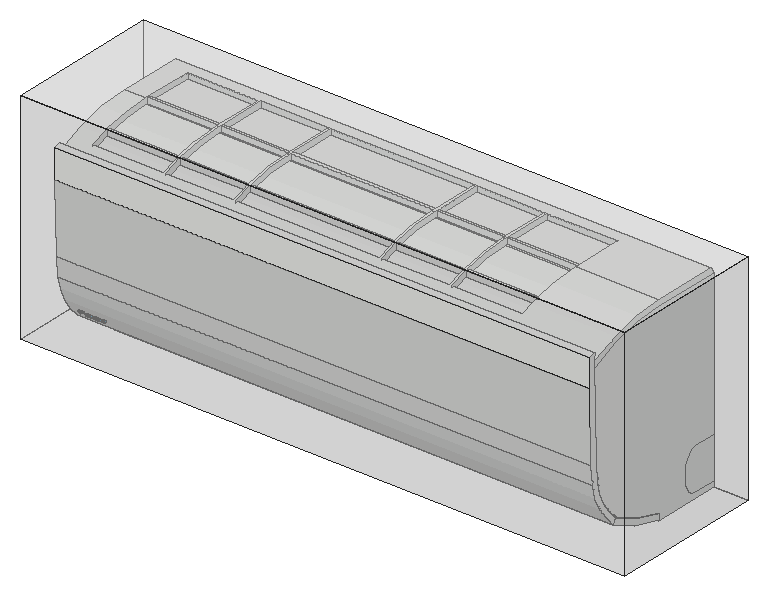
Revit family "outputfile", category 機械設備, Revit 2024
Family settings
  丸型コネクタ寸法 = 半径を使用
  パーツ タイプ = 標準
  OmniClass 番号 = 23.75.10.24.21.27.27
  OmniClass タイトル = Split System Air Conditioning Units
  作業面ベース = いいえ
  常に垂直 = はい
  ロード時にボイドで切り取り = いいえ
  注釈の向きを維持 = いいえ
  共有 = いいえ
  部屋計算ポイント = いいえ
Parameters (values of type "FTKQ35UVM4")
  Description = ""
  書き出し IFC クラス(タイプ) = "IfcUnitaryEquipmentType"
  定義済み IFC タイプ(タイプ) = "AIRCONDITIONINGUNIT"
  Cost = 0
  Type Comments = ""
  Keynote = ""
  Type Image = (empty or 0)
  Assembly Code = ""
  w_wall hole = if(Width = 770.0 mm, 48.0 mm, 60.0 mm)  # 48.0 mm
  製造元 = "Daikin"
  モデル = "FTKQ35UVM4"
  switch_frequency = yes
  r_Liquid Pipe Size = Liquid Pipe Size / 2  # 3.2 mm
  r_Gas Pipe Size = Gas Pipe Size / 2  # 4.75 mm
  r_Drain Pipe Size = Drain Pipe Size / 2  # 8.0 mm
  lw_powersupply [instance] = if(Width = 770.0 mm, if(or(Rear Right Connection_refrigerant, Bottom Right Connection_refrigerant), 25.0 mm, if(or(Rear Left Connection_refrigerant, Bottom Left Connection_refrigerant), 745.0 mm, 400.0 mm)), if(Width = 990.0 mm, if(or(Rear Right Connection_refrigerant, Bottom Right Connection_refrigerant), 40.0 mm, if(or(Rear Left Connection_refrigerant, Bottom Left Connection_refrigerant), 920.0 mm, 400.0 mm)), if(or(Rear Right Connection_refrigerant, Bottom Right Connection_refrigerant), 40.0 mm, if(or(Rear Left Connection_refrigerant, Bottom Left Connection_refrigerant), 920.0 mm, 400.0 mm))))  # 400.0 mm
  lw_liquidpipe [instance] = if(Width = 770.0 mm, if(or(Rear Right Connection_refrigerant, Bottom Right Connection_refrigerant), 0.0 mm, if(or(Rear Left Connection_refrigerant, Bottom Left Connection_refrigerant), 664.0 mm, 385.0 mm)), if(Width = 990.0 mm, if(or(Rear Right Connection_refrigerant, Bottom Right Connection_refrigerant), 0.0 mm, if(or(Rear Left Connection_refrigerant, Bottom Left Connection_refrigerant), 664.0 mm + (990.0 mm - 770.0 mm), 475.0 mm)), if(or(Rear Right Connection_refrigerant, Bottom Right Connection_refrigerant), 0.0 mm, if(or(Rear Left Connection_refrigerant, Bottom Left Connection_refrigerant), 664.0 mm + (990.0 mm - 770.0 mm), 475.0 mm))))  # 385.0 mm
  lw_gaspipe [instance] = if(Width = 770.0 mm, if(or(Rear Right Connection_refrigerant, Bottom Right Connection_refrigerant), 0.0 mm, if(or(Rear Left Connection_refrigerant, Bottom Left Connection_refrigerant), 675.0 mm, if(Gas Pipe Size = 12.7 mm, 345.0 mm, 335.0 mm))), if(Width = 990.0 mm, if(or(Rear Right Connection_refrigerant, Bottom Right Connection_refrigerant), 10.0 mm, if(or(Rear Left Connection_refrigerant, Bottom Left Connection_refrigerant), 890.0 mm, if(Gas Pipe Size = 15.9 mm, 400.0 mm, 400.0 mm))), if(or(Rear Right Connection_refrigerant, Bottom Right Connection_refrigerant), 10.0 mm, if(or(Rear Left Connection_refrigerant, Bottom Left Connection_refrigerant), 890.0 mm, if(Gas Pipe Size = 15.9 mm, 400.0 mm, 400.0 mm)))))  # 335.0 mm
  lw_drainpipe [instance] = if(Width = 770.0 mm, if(or(Rear Right Connection_refrigerant, Bottom Right Connection_refrigerant), 0.0 mm, if(or(Rear Left Connection_refrigerant, Bottom Left Connection_refrigerant), 770.0 mm - 48.0 mm - 48.0 mm, 440.0 mm)), if(Width = 990.0 mm, if(or(Rear Right Connection_refrigerant, Bottom Right Connection_refrigerant), 0.0 mm, if(or(Rear Left Connection_refrigerant, Bottom Left Connection_refrigerant), 675.0 mm + (990.0 mm - 770.0 mm), 435.0 mm)), if(or(Rear Right Connection_refrigerant, Bottom Right Connection_refrigerant), 0.0 mm, if(or(Rear Left Connection_refrigerant, Bottom Left Connection_refrigerant), 675.0 mm + (990.0 mm - 770.0 mm), 435.0 mm))))  # 440.0 mm
  l_powersupply_length [instance] = if(Width = 770.0 mm, if(Right Connection_refrigerant, 400.0 mm, if(Left Connection_refrigerant, 770.0 mm - 400.0 mm, if(or(Rear Left Connection_refrigerant, Rear Right Connection_refrigerant), 15.0 mm, 50.0 mm))), if(Width = 990.0 mm, if(Right Connection_refrigerant, 400.0 mm, if(Left Connection_refrigerant, 990.0 mm - 400.0 mm, if(or(Rear Left Connection_refrigerant, Rear Right Connection_refrigerant), 15.0 mm, 50.0 mm))), if(Right Connection_refrigerant, 400.0 mm, if(Left Connection_refrigerant, 990.0 mm - 400.0 mm, if(or(Rear Left Connection_refrigerant, Rear Right Connection_refrigerant), 15.0 mm, 50.0 mm)))))  # 400.0 mm
  l_liquidpipe_length [instance] = if(Width = 770.0 mm, if(Right Connection_refrigerant, 433.0 mm, if(Left Connection_refrigerant, 337.0 mm, if(or(Rear Left Connection_refrigerant, Rear Right Connection_refrigerant), 30.0 mm, 50.0 mm))), if(Width = 990.0 mm, if(Right Connection_refrigerant, 535.0 mm, if(Left Connection_refrigerant, 455.0 mm, if(or(Rear Left Connection_refrigerant, Rear Right Connection_refrigerant), 30.0 mm, 50.0 mm))), if(Right Connection_refrigerant, 535.0 mm, if(Left Connection_refrigerant, 455.0 mm, if(or(Rear Left Connection_refrigerant, Rear Right Connection_refrigerant), 30.0 mm, 50.0 mm)))))  # 433.0 mm
  l_gaspipe_length [instance] = if(Width = 770.0 mm, if(Right Connection_refrigerant, if(Gas Pipe Size = 12.7 mm, 393.0 mm, 383.0 mm), if(Left Connection_refrigerant, if(Gas Pipe Size = 12.7 mm, 770.0 mm - 393.0 mm, 770.0 mm - 383.0 mm), if(or(Rear Left Connection_refrigerant, Rear Right Connection_refrigerant), 40.0 mm, 40.0 mm))), if(Width = 990.0 mm, if(Right Connection_refrigerant, if(Gas Pipe Size = 15.9 mm, 460.0 mm, 460.0 mm), if(Left Connection_refrigerant, if(Gas Pipe Size = 15.9 mm, 990.0 mm - 460.0 mm, 990.0 mm - 460.0 mm), if(or(Rear Left Connection_refrigerant, Rear Right Connection_refrigerant), 40.0 mm, 40.0 mm))), if(Right Connection_refrigerant, if(Gas Pipe Size = 15.9 mm, 460.0 mm, 460.0 mm), if(Left Connection_refrigerant, if(Gas Pipe Size = 15.9 mm, 990.0 mm - 460.0 mm, 990.0 mm - 460.0 mm), if(or(Rear Left Connection_refrigerant, Rear Right Connection_refrigerant), 40.0 mm, 40.0 mm)))))  # 383.0 mm
  l_drainpipe_length [instance] = if(Width = 770.0 mm, if(Right Connection_refrigerant, 488.0 mm, if(Left Connection_refrigerant, 282.0 mm, if(or(Rear Left Connection_refrigerant, Rear Right Connection_refrigerant), 15.0 mm, 20.0 mm))), if(Width = 990.0 mm, if(Right Connection_refrigerant, 495.0 mm, if(Left Connection_refrigerant, 495.0 mm, if(or(Rear Left Connection_refrigerant, Rear Right Connection_refrigerant), 15.0 mm, 20.0 mm))), if(Right Connection_refrigerant, 495.0 mm, if(Left Connection_refrigerant, 495.0 mm, if(or(Rear Left Connection_refrigerant, Rear Right Connection_refrigerant), 15.0 mm, 20.0 mm)))))  # 488.0 mm
  h*** = 0.0 mm  # constant formula
  connector_voltage = Voltage_50Hz  # 230 V
  connector_powerinput = [Power Input (Cooling)]  # 0.000 kW
  connector_phase = Phase_50Hz  # 1
  angle_vertical [instance] = if(or(Bottom Left Connection_refrigerant, Bottom Right Connection_refrigerant), 0.00°, 90.00°)  # 90.00°
  angle_horizontal [instance] = if(Right Connection_refrigerant, 90.00°, if(Left Connection_refrigerant, -90.00°, if(or(Rear Left Connection_refrigerant, Rear Right Connection_refrigerant), 180.00°, 0.00°)))  # 90.00°
  Width = 770.0 mm
  Voltage_comment_50Hz = "220 - 240"
  Voltage_50Hz = 230 V
  Version = "ver.1.0"
  Unit Type = "Wall Mounted"
  Unit Mass Weight = 8.00 kg
  Unit Designation [instance] = ""
  Uniclass2015Version = "Products v1.30"
  Uniclass2015Title = "Split coil room air conditioning units"
  Uniclass2015Code = "Pr_70_65_03_86"
  URL = ""
  Total Cooling Capacity [instance] = 0.000 kW
  Sound Pressure Level_M speed (dBA) = 33
  Sound Pressure Level_L speed (dBA) = 28
  Sound Pressure Level_H speed (dBA) = 37
  Sound Power Level_H speed (dB) = 0
  Series = "Single Split_Fan Coil Unit"
  Sensible Cooling Capacity [instance] = 0.000 kW
  Refrigerant Type = "R32"
  Power Input (Cooling) = 0.000 kW
  Phase_50Hz = 1
  Option Accessory 3 [instance] = ""
  Option Accessory 2 [instance] = ""
  Option Accessory 1 [instance] = ""
  Nominal Cooling Capacity = 3.500 kW
  Minimum Circuit Amps_50Hz = 0.0 A
  Minimum Airflow = 426.00 m³/h
  Median Airflow = 528.00 m³/h
  Maximum Fuse Amps_50Hz = 0.0 A
  Maximum Airflow = 642.00 m³/h
  Material_Casing = DAIKIN_White_Casing_indoorunit
  Load Classification = HVAC
  Liquid Pipe Size = 6.4 mm
  Link_Nested Family [instance] = ""
  IfcVersion = ""
  IfcExportType = "AIRCONDITIONINGUNIT"
  IfcExportAs = "IfcUnitaryEquipmentType"
  Height = 285.0 mm
  Heat Exchanger Type = "Cross Fin Coil"
  Gas Pipe Size = 9.5 mm
  Frequency_50Hz = 50 Hz
  Fan Type = "Cross Flow Fan"
  Fan Drive = "Direct Drive"
  FCU Tag No. [instance] = ""
  Drain Pipe Size = 16.0 mm
  Design Supply Airflow [instance] = 0.00 m³/h
  Depth = 223.0 mm
  既定の高さ = 0.0 mm
  Cooling Entering Wet Bulb Temperature [instance] = 0.00 °C
  Cooling Entering Dry Bulb Temperature [instance] = 0.00 °C
  Cooling Ambient Wet Bulb Temperature [instance] = 0.00 °C
  Cooling Ambient Dry Bulb Temperature [instance] = 0.00 °C
  Clearance visibility [instance] = yes
  Clearance Top = 30.0 mm
  Clearance Right = 50.0 mm
  Clearance Rear = 0.0 mm
  Clearance Left = 50.0 mm
  Clearance Front = 0.0 mm
  Clearance Bottom = 0.0 mm
  Bottom Right Connection_refrigerant [instance] = no
  Bottom Left Connection_refrigerant [instance] = no
  Rear Right Connection_refrigerant [instance] = no
  Rear Left Connection_refrigerant [instance] = no
  Right Connection_refrigerant [instance] = yes
  Left Connection_refrigerant [instance] = no
Reference planes
  plane 1 "Back": y = 0
  plane 2: z = 0
  plane 3 "Center (Left/Right)": x = 0
  plane 4 "Center (Front/Back)": y = -111.5
  plane 5 "Front": y = -223
  plane 6 "Left": x = -385
  plane 7 "Right": x = 385
  plane 8 "Top": z = 0
  plane 9 "Bottom": z = -285
  plane 10: x = -435
  plane 11: x = 435
  plane 12: y = 0
  plane 13: y = -223
  plane 14: z = 30
  plane 15: z = -285
  plane 16 "lw_Piping and Wiring intake": x = 337
  plane 17 "lw_gaspipe": x = 2
  plane 18 "lw_liquidpipe": x = -48
  plane 19 "lw_drainpipe": x = -103
  plane 20 "lh_drainpipe": z = -265
  plane 21 "lh_liquidpipe": z = -235
  plane 22 "lh_gaspipe": z = -245
  plane 23 "ld_drainpipe": y = -15
  plane 24 "ld_liquidpipe": y = -30
  plane 25 "ld_gaspipe": y = -40
  plane 26 "lw_powersupply": x = -15
Dimensions and locks
  equal spacing: plane 6 "Left", plane 3 "Center (Left/Right)", plane 7 "Right"
  "Width": plane 6 "Left" to plane 7 "Right"
  equal spacing: plane 5 "Front", plane 4 "Center (Front/Back)", plane 1 "Back"
  "Depth": plane 5 "Front" to plane 1 "Back"
  "Height": plane 8 "Top" to plane 9 "Bottom"
  "Clearance Rear": plane 12 to plane 1 "Back"
  "Clearance Front": plane 13 to plane 5 "Front"
  "Clearance Top": plane 14 to plane 8 "Top"
  "Clearance Bottom": plane 9 "Bottom" to plane 15
  "w_wall hole": plane 16 "lw_Piping and Wiring intake" to plane 7 "Right"
  "lw_gaspipe": plane 17 "lw_gaspipe" to plane 16 "lw_Piping and Wiring intake"
  "lw_liquidpipe": plane 18 "lw_liquidpipe" to plane 16 "lw_Piping and Wiring intake"
  "lw_drainpipe": plane 19 "lw_drainpipe" to plane 16 "lw_Piping and Wiring intake"
  locked: plane 20 "lh_drainpipe" to plane 9 "Bottom" at 20
  locked: plane 21 "lh_liquidpipe" to plane 9 "Bottom" at 50
  locked: plane 22 "lh_gaspipe" to plane 9 "Bottom" at 40
  locked: plane 23 "ld_drainpipe" to plane 1 "Back" at 15
  locked: plane 1 "Back" to plane 24 "ld_liquidpipe" at 30
  locked: plane 1 "Back" to plane 25 "ld_gaspipe" at 40
  "lw_powersupply": plane 26 "lw_powersupply" to plane 7 "Right"
  "Clearance Left": plane 10 to plane 6 "Left"
  "Clearance Right": plane 7 "Right" to plane 11
  aligned and locked: level to plane 2
  aligned and locked: plane 12 to nested 1
  aligned and locked: nested 1 to plane 13
  aligned and locked: plane 10 to nested 1
  aligned and locked: plane 11 to nested 1
  aligned and locked: plane 15 to nested 1
  aligned and locked: plane 14 to nested 1
  aligned and locked: plane 17 "lw_gaspipe" to nested 2
  aligned and locked: nested 2 to plane 25 "ld_gaspipe"
  aligned and locked: plane 18 "lw_liquidpipe" to nested 3
  aligned and locked: nested 3 to plane 24 "ld_liquidpipe"
  aligned and locked: plane 19 "lw_drainpipe" to nested 4
  aligned and locked: nested 4 to plane 23 "ld_drainpipe"
  aligned and locked: nested 5 to plane 23 "ld_drainpipe"
  aligned and locked: plane 26 "lw_powersupply" to nested 5
  aligned and locked: level to plane 8 "Top"
  aligned and locked: plane 3 "Center (Left/Right)" to nested 6
  aligned and locked: plane 1 "Back" to nested 6
  aligned and locked: plane 8 "Top" to nested 6
Nested families
  nested 1: "daikin_clearancespace" at (0, -111.5, -127.381), show <- "Clearance visibility", visible <- "Clearance visibility", Link_Nested Family <- "Link_Nested Family", type "daikin_clearancespace"
    with width 870.0 mm, show yes, height 315.0 mm, depth 223.0 mm, Link_Nested Family ""
  nested 2: "daikin_connector_rotate3" at (2, -40, -245), angle_vertical <- "angle_vertical", angle_horizontal <- "angle_horizontal", length <- "l_gaspipe_length", radius <- "r_Gas Pipe Size", type "daikin_connector_rotate3"
    with show no, radius 4.75 mm, length 383.0 mm, angle_vertical 90.00°, angle_horizontal 90.00°
  nested 3: "daikin_connector_rotate3" at (-48, -30, -235), angle_vertical <- "angle_vertical", angle_horizontal <- "angle_horizontal", radius <- "r_Liquid Pipe Size", length <- "l_liquidpipe_length", type "daikin_connector_rotate3"
    with show no, radius 3.2 mm, length 433.0 mm, angle_vertical 90.00°, angle_horizontal 90.00°
  nested 4: "daikin_connector_rotate3" at (-103, -15, -265), angle_vertical <- "angle_vertical", angle_horizontal <- "angle_horizontal", length <- "l_drainpipe_length", radius <- "r_Drain Pipe Size", type "daikin_connector_rotate3"
    with show no, radius 8.0 mm, length 488.0 mm, angle_vertical 90.00°, angle_horizontal 90.00°
  nested 5: "daikin_connector_rotate3" at (-15, -15, -235), angle_vertical <- "angle_vertical", angle_horizontal <- "angle_horizontal", length <- "l_powersupply_length", type "daikin_connector_rotate3"
    with show no, radius 10.0 mm, length 400.0 mm, angle_vertical 90.00°, angle_horizontal 90.00°
  nested 6: "DAIKIN_indoorunit_FTKQ-UVM4" at (-31, 0, 0), type "FTKQ-UVM4"
Connectors
  piping at (385, -40, -245), diameter 9.5, driven by "r_Gas Pipe Size"
    settings: on nested 2, index 1, connector inside diameter 609.6 mm, connector length 0.0 mm, flow factor 0, pipe flow 0.00 m³/h, pressure drop 0.0 Pa, fitting loss kfactor 0, connector angle 0.00°, fixture units 0, engagement length 0.0 mm, angle of deflection 0.00°, flow configuration 1, flow direction 2, fitting loss method 0, system type 29, joint type 0, gender type 0, connector reference index -1, connector utility 0, adjustable connector no, is connector primary yes, connector description "Refrigerant Gas Piping"
  piping at (385, -30, -235), diameter 6.4, driven by "r_Liquid Pipe Size"
    settings: on nested 3, index 2, connector inside diameter 609.6 mm, connector length 0.0 mm, flow factor 0, pipe flow 0.00 m³/h, pressure drop 0.0 Pa, fitting loss kfactor 0, connector angle 0.00°, fixture units 0, engagement length 0.0 mm, angle of deflection 0.00°, flow configuration 1, flow direction 1, fitting loss method 0, system type 29, joint type 0, gender type 0, connector reference index -1, connector utility 0, adjustable connector no, is connector primary no, connector description "Refrigerant Liquid Piping"
  piping at (385, -15, -265), diameter 16, driven by "r_Drain Pipe Size"
    settings: on nested 4, index 3, connector inside diameter 609.6 mm, connector length 0.0 mm, flow factor 0, pipe flow 0.00 m³/h, pressure drop 0.0 Pa, fitting loss kfactor 0, connector angle 0.00°, fixture units 0, engagement length 0.0 mm, angle of deflection 0.00°, flow configuration 1, flow direction 2, fitting loss method 4, system type 16, joint type 0, gender type 0, connector reference index -1, connector utility 0, adjustable connector no, is connector primary no, connector description "Condensate Drain Piping"
  electrical at (385, -15, -235), driven by "Load Classification", driven by "connector_powerinput", driven by "connector_phase", driven by "connector_voltage"
    settings: on nested 5, index 4, voltage 230 V, apparent load 0 VA, apparent load phase1 0 VA, apparent load phase2 0 VA, apparent load phase3 0 VA, power factor 1, load classification "HVAC", number of poles 1, system type 30, power factor state 1, is connector primary yes, connector utility no, sub classification motor no, connector description "Power Supply"
Definition of nested family "daikin_clearancespace"
  Parameters (values of type "daikin_clearancespace")
    Description = "daikin_clearancespace"
    width [instance] = 1823.963 mm
    show [instance] = yes
    material = none
    height [instance] = 1359.762 mm
    depth [instance] = 880.0 mm
    Default Elevation = 0.0 mm
    Link_Nested Family [instance] = ""
  Reference planes
    plane 1 "Center (Front/Back)": y = 0
    plane 2 "Center (Elevation)": z = -0.119
    plane 3 "Center (Left/Right)": x = 0
    plane 4: y = 440
    plane 5: y = -440
    plane 6 "Right": x = 911.982
    plane 7 "Left": x = -911.982
    plane 8 "Top": z = 679.762
    plane 9 "Bottom": z = -680
  Forms (mm)
    Extrusion 1, solid, material <- "material", visible <- "show"
      sketch origin (0, 0, 0) x (1, 0, 0) y (0, 1, 0)
        loop
          line (-911.982, 440) -> (-911.982, -440) -> (911.982, -440) -> (911.982, 440) -> (-911.982, 440)
      from -680 to 679.762
  Lines and regions (mm)
    symbolic lines, visible <- "show"
      curve 1: line (911.982, 440, 0) -> (-911.982, 440, 0)
      curve 2: line (-911.982, 440, 0) -> (-911.982, -440, 0)
      curve 3: line (-911.982, -440, 0) -> (911.982, -440, 0)
      curve 4: line (911.982, -440, 0) -> (911.982, 440, 0)
      curve 5: line (911.982, 0, 679.762) -> (-911.982, 0, 679.762)
      curve 6: line (911.982, 0, -680) -> (911.982, 0, 679.762)
      curve 7: line (-911.982, 0, -680) -> (911.982, 0, -680)
      curve 8: line (-911.982, 0, 679.762) -> (-911.982, 0, -680)
      curve 9: line (0, 440, 679.762) -> (0, -440, 679.762)
      curve 10: line (0, -440, 679.762) -> (0, -440, -680)
      curve 11: line (0, 440, -680) -> (0, 440, 679.762)
      curve 12: line (0, -440, -680) -> (0, 440, -680)
  Dimensions and locks
    "width": plane 7 "Left" to plane 6 "Right"
    "depth": plane 4 to plane 5
    "height": plane 8 "Top" to plane 9 "Bottom"
    equal spacing: plane 7 "Left", plane 3 "Center (Left/Right)", plane 6 "Right"
    equal spacing: plane 4, plane 1 "Center (Front/Back)", plane 5
    equal spacing: plane 8 "Top", plane 2 "Center (Elevation)", plane 9 "Bottom"
    aligned and locked: level to plane 2 "Center (Elevation)"
    aligned and locked: Extrusion 1 sketch curve to plane 4
    aligned and locked: plane 7 "Left" to Extrusion 1 sketch curve
    aligned and locked: Extrusion 1 sketch curve to plane 5
    aligned and locked: Extrusion 1 sketch curve to plane 6 "Right"
    aligned and locked: plane 8 "Top" to Extrusion 1
    aligned and locked: curve 1 to Extrusion 1
    aligned and locked: curve 2 to Extrusion 1
    aligned and locked: curve 3 to Extrusion 1
    aligned and locked: curve 4 to Extrusion 1
    aligned and locked: curve 5 to Extrusion 1
    aligned and locked: curve 6 to Extrusion 1
    aligned and locked: curve 7 to Extrusion 1
    aligned and locked: curve 8 to Extrusion 1
    aligned and locked: curve 9 to Extrusion 1
    aligned and locked: curve 10 to Extrusion 1
    aligned and locked: curve 11 to Extrusion 1
    aligned and locked: curve 12 to Extrusion 1
    aligned and locked: Extrusion 1 to plane 9 "Bottom"
Definition of nested family "DAIKIN_indoorunit_FTKQ-UVM4"
  Parameters (values of type "FTKQ-UVM4")
    Material_Casing = none
    Default Elevation = 0.0 mm
  Reference planes
    plane 1 "Center (Front/Back)": y = 0
    plane 2 "reference_level": z = 0
    plane 3 "Center (Left/Right)": x = 31
    plane 4: x = -354
    plane 5: x = 416
    plane 6: z = -285
  Forms (mm)
    Extrusion 1, solid, material <- "Material_Casing"
      sketch origin (29, 0, 0) x (0, 1, 0) y (0, 0, 1)
        loop
          line (-5, 0) -> (-98, 0)
          arc (-98, 0) -> (-157.611, -7.211) -> (-213.783, -28.427) r 250
          arc (-213.783, -28.427) -> (-213.842, -32.972) -> (-213.892, -37.516) r 2191
          arc (-213.892, -37.516) -> (-157.832, -15.495) -> (-98.07, -8) r 242
          line (-98.07, -8) -> (0, -8) -> (-5, 0)
      from -383 to 387
    Extrusion 2, solid, material <- "Material_Casing"
      sketch origin (416, 1296.25, 1200) x (0, 1, 0) y (0, 0, 1)
        loop
          line (-1472.998, -1446.91) -> (-1476.998, -1453.839)
          arc (-1476.998, -1453.839) -> (-1437.481, -1472.422) -> (-1395.25, -1483.538) r 240
          line (-1395.25, -1483.538) -> (-1395.25, -1475.422)
          arc (-1395.25, -1475.422) -> (-1435.407, -1464.663) -> (-1472.998, -1446.91) r 232
      from 0 to -47.5
    Extrusion 3, solid, material <- "Material_Casing"
      sketch origin (29, 0, 0) x (0, 1, 0) y (0, 0, 1)
        loop
          arc (-223, -60.455) -> (-222.414, -110.646) -> (-220.656, -160.81) r 2149.92
          arc (-220.656, -160.81) -> (-219.65, -174.299) -> (-217.853, -187.706) r 229.911
          arc (-217.853, -187.706) -> (-205.371, -223.594) -> (-181.517, -253.17) r 111
          line (-181.517, -253.17) -> (-177.429, -246.093)
          arc (-177.429, -246.093) -> (-198.77, -218.989) -> (-209.965, -186.36) r 103
          arc (-209.965, -186.36) -> (-211.681, -173.586) -> (-212.651, -160.735) r 221.844
          arc (-212.651, -160.735) -> (-214.739, -93.233) -> (-214.74, -25.699) r 2186.828
          arc (-214.74, -25.699) -> (-214.671, -21.467) -> (-214.594, -17.235) r 2192
          line (-214.594, -17.235) -> (-223, -19.961) -> (-223, -60.455)
      from -383 to 387
    Extrusion 4, solid, material <- "Material_Casing"
      sketch origin (29, 0, -20) x (0, 1, 0) y (0, 0, 1)
        loop
          line (0, -265) -> (0, 12) -> (-98.07, 12)
          arc (-98.07, 12) -> (-157.832, 4.505) -> (-213.892, -17.516) r 242
          arc (-213.892, -17.516) -> (-213.638, -79.114) -> (-211.653, -140.681) r 2191
          arc (-211.653, -140.681) -> (-210.685, -153.501) -> (-208.973, -166.243) r 221
          arc (-208.973, -166.243) -> (-197.471, -199.282) -> (-175.482, -226.491) r 102
          arc (-175.482, -226.491) -> (-138.004, -244.019) -> (-98, -254.579) r 231
          line (-98, -254.579) -> (-98, -265) -> (0, -265)
      from -383 to 387
    Extrusion 5, solid, material <- "Material_Casing"
      sketch origin (-354, 1296.25, 1200) x (0, 1, 0) y (0, 0, 1)
        loop
          line (-1472.998, -1446.91) -> (-1476.998, -1453.839)
          arc (-1476.998, -1453.839) -> (-1437.481, -1472.422) -> (-1395.25, -1483.538) r 240
          line (-1395.25, -1483.538) -> (-1395.25, -1475.422)
          arc (-1395.25, -1475.422) -> (-1435.407, -1464.663) -> (-1472.998, -1446.91) r 232
      from 47 to 0
    Extrusion 6, solid, material <- "Material_Casing"
      sketch origin (416, 1296.25, 1200) x (0, 1, 0) y (0, 0, 1)
        loop
          line (-1472.998, -1446.91) -> (-1476.998, -1453.839)
          arc (-1476.998, -1453.839) -> (-1443.437, -1470.168) -> (-1407.75, -1481.097) r 240
          line (-1407.75, -1481.097) -> (-1407.75, -1472.894)
          arc (-1407.75, -1472.894) -> (-1441.363, -1462.385) -> (-1472.998, -1446.91) r 232
      from -116.993 to -48.493
    Extrusion 7, solid, material <- "Material_Casing"
      sketch origin (416, 1296.25, 1200) x (0, 1, 0) y (0, 0, 1)
        loop
          line (-1472.998, -1446.91) -> (-1476.998, -1453.839)
          arc (-1476.998, -1453.839) -> (-1443.437, -1470.168) -> (-1407.75, -1481.097) r 240
          line (-1407.75, -1481.097) -> (-1407.75, -1472.894)
          arc (-1407.75, -1472.894) -> (-1441.363, -1462.385) -> (-1472.998, -1446.91) r 232
      from -717 to -121.993
    Extrusion 8, void
      sketch origin (31, 0, -235) x (1, 0, 0) y (0, 1, 0)
        loop
          line (-252.674, -22.316) -> (-354.941, -22.316) -> (-354.941, -91.341) -> (-252.674, -91.341) -> (-252.674, -22.316)
        loop
          line (-249.341, -91.341) -> (-151.574, -91.341) -> (-151.574, -22.316) -> (-249.341, -22.316) -> (-249.341, -91.341)
        loop
          line (58.309, -22.316) -> (-148.309, -22.316) -> (-148.309, -91.341) -> (58.309, -91.341) -> (58.309, -22.316)
        loop
          line (61.689, -22.316) -> (61.689, -91.341) -> (159.457, -91.341) -> (159.457, -22.316) -> (61.689, -22.316)
        loop
          line (162.789, -22.316) -> (162.789, -91.341) -> (265.057, -91.341) -> (265.057, -22.316) -> (162.789, -22.316)
        loop
          line (-354.941, -94.659) -> (-354.941, -165.259) -> (-252.674, -165.259) -> (-252.674, -94.659) -> (-354.941, -94.659)
        loop
          line (-249.341, -94.659) -> (-249.341, -165.259) -> (-151.574, -165.259) -> (-151.574, -94.659) -> (-249.341, -94.659)
        loop
          line (-148.309, -94.659) -> (-148.309, -165.259) -> (58.309, -165.259) -> (58.309, -94.659) -> (-148.309, -94.659)
        loop
          line (61.689, -94.659) -> (61.689, -165.259) -> (159.457, -165.259) -> (159.457, -94.659) -> (61.689, -94.659)
        loop
          line (162.789, -94.659) -> (162.789, -165.259) -> (265.057, -165.259) -> (265.057, -94.659) -> (162.789, -94.659)
        loop
          line (-354.941, -167.382) -> (-354.941, -192.681) -> (-252.674, -192.681) -> (-252.674, -167.382) -> (-354.941, -167.382)
        loop
          line (-249.341, -167.382) -> (-249.341, -192.681) -> (-151.574, -192.681) -> (-151.574, -167.382) -> (-249.341, -167.382)
        loop
          line (-148.309, -167.382) -> (-148.309, -192.681) -> (58.309, -192.681) -> (58.309, -167.382) -> (-148.309, -167.382)
        loop
          line (159.457, -167.382) -> (61.689, -167.382) -> (61.689, -192.681) -> (159.457, -192.681) -> (159.457, -167.382)
        loop
          line (265.057, -167.382) -> (162.789, -167.382) -> (162.789, -192.681) -> (265.057, -192.681) -> (265.057, -167.382)
      from 201.638 to 250
    Extrusion 9, solid, material <- "Material_Casing"
      sketch origin (31, 0, 0) x (1, 0, 0) y (0, 0, 1)
        loop
          circle (337, -240.5) r 32.5
        loop
          circle (-337, -240.5) r 32.5
      from 0 to 5
    Extrusion 10, solid, material <- "Material_Casing"
      sketch origin (416, 1296.25, 1200) x (0, -1, 0) y (0, 0, 1)
        loop
          line (1326.25, -1417) -> (1296.25, -1417) -> (1296.25, -1477) -> (1326.25, -1477)
          arc (1326.25, -1477) -> (1340.393, -1471.142) -> (1346.25, -1457) r 20
          line (1346.25, -1457) -> (1346.25, -1437)
          arc (1346.25, -1437) -> (1340.393, -1422.858) -> (1326.25, -1417) r 20
      from 0 to 5
    Extrusion 11, solid, material <- "Material_Casing"
      sketch origin (-354, 1296.25, 1200) x (0, 1, 0) y (0, 0, 1)
        loop
          line (-1296.25, -1417) -> (-1326.25, -1417)
          arc (-1326.25, -1417) -> (-1340.393, -1422.858) -> (-1346.25, -1437) r 20
          line (-1346.25, -1437) -> (-1346.25, -1457)
          arc (-1346.25, -1457) -> (-1340.393, -1471.142) -> (-1326.25, -1477) r 20
          line (-1326.25, -1477) -> (-1296.25, -1477) -> (-1296.25, -1417)
      from 0 to 5
    Extrusion 12, solid, material <- "Material_Casing"
      sketch origin (31, 0, -285) x (-1, 0, 0) y (0, -1, 0)
        loop
          line (-314, 0) -> (-314, 30)
          arc (-314, 30) -> (-319.858, 44.142) -> (-334, 50) r 20
          line (-334, 50) -> (-354, 50)
          arc (-354, 50) -> (-368.142, 44.142) -> (-374, 30) r 20
          line (-374, 30) -> (-374, 0) -> (-314, 0)
        loop
          line (374, 0) -> (374, 30)
          arc (374, 30) -> (368.142, 44.142) -> (354, 50) r 20
          line (354, 50) -> (334, 50)
          arc (334, 50) -> (319.858, 44.142) -> (314, 30) r 20
          line (314, 30) -> (314, 0) -> (374, 0)
      from 0 to 5
  Cuts and joins
    Extrusion 8 cuts Extrusion 1
  Lines and regions (mm)
    reference lines
      curve 1: line (-523, -201.911, -229.404) -> (-523, -193.542, -239.977)
  Dimensions and locks
    locked: Extrusion 10 sketch curve to Extrusion 10 sketch curve at 60
    locked: Extrusion 10 sketch curve to Extrusion 10 sketch curve at 50
    locked: Extrusion 12 sketch curve to Extrusion 12 sketch curve at 60  (x2)
    locked: Extrusion 12 sketch curve to Extrusion 12 sketch curve at 50
    equal spacing: plane 5, plane 3 "Center (Left/Right)", plane 4
    plane 5 to plane 4 = 770.0 mm
    locked: Extrusion 9 sketch curve to plane 4 at 48
    plane 5 to Extrusion 9 sketch curve = 48.0 mm
    plane 2 "reference_level" to plane 6 = 285.0 mm
    locked: Extrusion 9 sketch curve to plane 6 at 44.5  (x2)
    diameter of Extrusion 9 sketch curve = 65.0 mm  (x2)
    aligned and locked: level to plane 2 "reference_level"
    aligned and locked: nested 1 to curve 1
    aligned and locked: Extrusion 11 sketch curve to Extrusion 10  (x4)
    aligned and locked: Extrusion 12 sketch curve to Extrusion 12 sketch curve  (x2)
    aligned and locked: Extrusion 9 to plane 1 "Center (Front/Back)"
  Automatic sketch dimensions
    curve 1 to level = 239.977 mm
    plane 1 "Center (Front/Back)" to curve 1 = 193.542 mm
    curve 1 to curve 1 = 10.573 mm
    curve 1 to curve 1 = 8.368 mm
    Extrusion 1 sketch curve to level = 0.0 mm
    Extrusion 1 sketch curve to plane 1 "Center (Front/Back)" = 0.0 mm
    plane 1 "Center (Front/Back)" to Extrusion 1 sketch curve = 5.0 mm
    plane 1 "Center (Front/Back)" to Extrusion 1 sketch curve = 98.0 mm
    Extrusion 1 sketch curve to Extrusion 1 sketch curve = 0.07 mm
    Extrusion 1 sketch curve to level = 59.292 mm
    Extrusion 1 sketch curve to plane 1 "Center (Front/Back)" = 1977.0 mm
    Extrusion 1 sketch curve to level = 250.0 mm
    Extrusion 1 sketch curve to Extrusion 1 sketch curve = 0.0 mm
    Extrusion 1 sketch curve to level = 8.0 mm
    Extrusion 1 sketch curve to level = 28.427 mm
    plane 1 "Center (Front/Back)" to Extrusion 2 sketch curve = 180.748 mm
    Extrusion 2 sketch curve to Extrusion 2 sketch curve = 4.0 mm
    Extrusion 2 sketch curve to Extrusion 2 sketch curve = 77.747 mm
    plane 1 "Center (Front/Back)" to Extrusion 2 sketch curve = 59.279 mm
    Extrusion 2 sketch curve to Extrusion 2 sketch curve = 0.0 mm
    Extrusion 2 sketch curve to level = 283.538 mm
    Extrusion 2 sketch curve to Extrusion 2 sketch curve = 8.116 mm
    Extrusion 2 sketch curve to Extrusion 2 sketch curve = 21.583 mm
    Extrusion 2 sketch curve to Extrusion 2 sketch curve = 6.929 mm
    Extrusion 3 sketch curve to level = 19.961 mm
    plane 1 "Center (Front/Back)" to Extrusion 3 sketch curve = 223.0 mm
    Extrusion 3 sketch curve to level = 17.235 mm
    Extrusion 3 sketch curve to Extrusion 3 sketch curve = 8.406 mm
    plane 1 "Center (Front/Back)" to Extrusion 3 sketch curve = 181.517 mm
    Extrusion 3 sketch curve to Extrusion 3 sketch curve = 4.087 mm
    Extrusion 3 sketch curve to Extrusion 3 sketch curve = 69.11 mm
    Extrusion 3 sketch curve to Extrusion 3 sketch curve = 0.001 mm
    Extrusion 3 sketch curve to plane 1 "Center (Front/Back)" = 8.955 mm
    Extrusion 3 sketch curve to Extrusion 3 sketch curve = 0.067 mm
    Extrusion 3 sketch curve to level = 60.455 mm
    Extrusion 3 sketch curve to Extrusion 3 sketch curve = 1917.898 mm
    Extrusion 3 sketch curve to Extrusion 3 sketch curve = 44.907 mm
    Extrusion 3 sketch curve to Extrusion 3 sketch curve = 5.172 mm
    Extrusion 3 sketch curve to level = 150.456 mm
    Extrusion 3 sketch curve to Extrusion 3 sketch curve = 0.006 mm
    Extrusion 3 sketch curve to Extrusion 3 sketch curve = 19.265 mm
    Extrusion 3 sketch curve to Extrusion 3 sketch curve = 0.004 mm
    Extrusion 3 sketch curve to Extrusion 3 sketch curve = 76.368 mm
    Extrusion 3 sketch curve to Extrusion 3 sketch curve = 7.077 mm
    Extrusion 3 sketch curve to Extrusion 3 sketch curve = 1.002 mm
    Extrusion 3 sketch curve to Extrusion 3 sketch curve = 0.046 mm
    Extrusion 3 sketch curve to Extrusion 3 sketch curve = 8.005 mm
    Extrusion 3 sketch curve to Extrusion 3 sketch curve = 0.147 mm
    Extrusion 3 sketch curve to Extrusion 3 sketch curve = 0.0 mm
    Extrusion 4 sketch curve to plane 1 "Center (Front/Back)" = 0.0 mm
    plane 1 "Center (Front/Back)" to Extrusion 4 sketch curve = 59.278 mm
    Extrusion 4 sketch curve to Extrusion 4 sketch curve = 98.0 mm
    Extrusion 4 sketch curve to Extrusion 4 sketch curve = 0.0 mm  (x3)
    Extrusion 4 sketch curve to level = 8.0 mm
    Extrusion 4 sketch curve to Extrusion 4 sketch curve = 38.791 mm
    Extrusion 4 sketch curve to Extrusion 4 sketch curve = 10.249 mm
    Extrusion 4 sketch curve to plane 1 "Center (Front/Back)" = 9.11 mm
    Extrusion 4 sketch curve to level = 59.292 mm
    Extrusion 4 sketch curve to Extrusion 4 sketch curve = 1967.89 mm
    Extrusion 4 sketch curve to Extrusion 4 sketch curve = 142.454 mm
    Extrusion 4 sketch curve to Extrusion 4 sketch curve = 19.271 mm
    Extrusion 4 sketch curve to Extrusion 4 sketch curve = 80.275 mm
    Extrusion 4 sketch curve to Extrusion 4 sketch curve = 24.579 mm
    Extrusion 4 sketch curve to Extrusion 4 sketch curve = 10.421 mm
    Extrusion 4 sketch curve to level = 46.847 mm
    Extrusion 4 sketch curve to Extrusion 4 sketch curve = 77.412 mm
    Extrusion 4 sketch curve to Extrusion 4 sketch curve = 33.49 mm
    Extrusion 4 sketch curve to Extrusion 4 sketch curve = 2.68 mm
    plane 1 "Center (Front/Back)" to Extrusion 5 sketch curve = 180.748 mm
    Extrusion 5 sketch curve to Extrusion 5 sketch curve = 4.0 mm
    Extrusion 5 sketch curve to Extrusion 5 sketch curve = 77.747 mm
    plane 1 "Center (Front/Back)" to Extrusion 5 sketch curve = 59.279 mm
    Extrusion 5 sketch curve to Extrusion 5 sketch curve = 0.0 mm
    Extrusion 5 sketch curve to level = 283.538 mm
    Extrusion 5 sketch curve to Extrusion 5 sketch curve = 8.116 mm
    Extrusion 5 sketch curve to Extrusion 5 sketch curve = 21.583 mm
    Extrusion 5 sketch curve to Extrusion 5 sketch curve = 6.929 mm
    plane 1 "Center (Front/Back)" to Extrusion 6 sketch curve = 180.748 mm
    Extrusion 6 sketch curve to Extrusion 6 sketch curve = 4.0 mm
    Extrusion 6 sketch curve to Extrusion 6 sketch curve = 65.247 mm
    plane 1 "Center (Front/Back)" to Extrusion 6 sketch curve = 59.279 mm
    Extrusion 6 sketch curve to Extrusion 6 sketch curve = 0.0 mm
    Extrusion 6 sketch curve to level = 281.097 mm
    Extrusion 6 sketch curve to Extrusion 6 sketch curve = 8.203 mm
    Extrusion 6 sketch curve to Extrusion 6 sketch curve = 19.055 mm
    Extrusion 6 sketch curve to Extrusion 6 sketch curve = 6.929 mm
    plane 1 "Center (Front/Back)" to Extrusion 7 sketch curve = 180.748 mm
    Extrusion 7 sketch curve to Extrusion 7 sketch curve = 4.0 mm
    Extrusion 7 sketch curve to Extrusion 7 sketch curve = 65.247 mm
    plane 1 "Center (Front/Back)" to Extrusion 7 sketch curve = 59.279 mm
    Extrusion 7 sketch curve to Extrusion 7 sketch curve = 0.0 mm
    Extrusion 7 sketch curve to level = 281.097 mm
    Extrusion 7 sketch curve to Extrusion 7 sketch curve = 8.203 mm
    Extrusion 7 sketch curve to Extrusion 7 sketch curve = 19.055 mm
    Extrusion 7 sketch curve to Extrusion 7 sketch curve = 6.929 mm
    plane 1 "Center (Front/Back)" to Extrusion 8 sketch curve = 165.259 mm  (x2)
    Extrusion 8 sketch curve to plane 3 "Center (Left/Right)" = 354.941 mm
    plane 1 "Center (Front/Back)" to Extrusion 8 sketch curve = 22.316 mm  (x3)
    Extrusion 8 sketch curve to Extrusion 8 sketch curve = 0.0 mm  (x26)
    Extrusion 8 sketch curve to Extrusion 8 sketch curve = 102.268 mm  (x2)
    Extrusion 8 sketch curve to Extrusion 8 sketch curve = 3.332 mm  (x4)
    Extrusion 8 sketch curve to Extrusion 8 sketch curve = 97.768 mm  (x2)
    Extrusion 8 sketch curve to Extrusion 8 sketch curve = 3.264 mm  (x3)
    plane 3 "Center (Left/Right)" to Extrusion 8 sketch curve = 58.309 mm
    Extrusion 8 sketch curve to Extrusion 8 sketch curve = 3.38 mm  (x3)
    Extrusion 8 sketch curve to Extrusion 8 sketch curve = 2.124 mm  (x6)
    Extrusion 8 sketch curve to Extrusion 8 sketch curve = 25.299 mm  (x2)
    Extrusion 8 sketch curve to Extrusion 8 sketch curve = 70.6 mm
    Extrusion 8 sketch curve to Extrusion 8 sketch curve = 3.317 mm  (x4)
    Extrusion 10 sketch curve to plane 1 "Center (Front/Back)" = 0.0 mm
    Extrusion 10 sketch curve to Extrusion 10 sketch curve = 20.0 mm  (x2)
    Extrusion 10 sketch curve to level = 277.0 mm
    plane 1 "Center (Front/Back)" to Extrusion 12 sketch curve = 0.0 mm
    plane 3 "Center (Left/Right)" to Extrusion 12 sketch curve = 374.0 mm
    Extrusion 12 sketch curve to Extrusion 12 sketch curve = 20.0 mm  (x3)
    plane 1 "Center (Front/Back)" to Extrusion 12 sketch curve = 30.0 mm
    Extrusion 12 sketch curve to plane 3 "Center (Left/Right)" = 314.0 mm
  Nested families
    nested 1: "daikin_logo_plane_w40" at (-320, -198.871, -233.244) x (1, 0, 0) z (0, -0.7841, -0.6206), type "daikin_logo_plane_w40"
      with show_logo yes
  Definition of nested family "daikin_logo_plane_w40"
    Parameters (values of type "daikin_logo_plane_w40")
      width = 40.0 mm
      show_logo [instance] = yes
      material = none
      height = 0.0 mm
      depth = 0.0 mm
      Default Elevation = 1219.2 mm
    Reference planes
      plane 1 "Center (Front/Back)": y = 0
      plane 2: z = 0
      plane 3 "Center (Left/Right)": x = 0
      plane 4: z = 2
      plane 5 "left": x = -19
      plane 6: x = 19
    Forms (mm)
      Extrusion 1, solid, visible <- "show_logo"
        sketch origin (-19, 0, 0) x (1, 0, 0) y (0, 1, 0)
          loop
            line (8.902, -1.878) -> (7.789, -6.332) -> (11.13, -6.332)
            arc (11.13, -6.332) -> (12.454, -6.064) -> (13.472, -5.176) r 2.642
            arc (13.472, -5.176) -> (13.92, -4.02) -> (13.767, -2.79) r 2.537
            arc (13.767, -2.79) -> (13.452, -2.342) -> (12.982, -2.06) r 1.321
            arc (12.982, -2.06) -> (12.063, -1.902) -> (11.13, -1.878) r 6.479
            line (11.13, -1.878) -> (8.902, -1.878)
          loop
            line (10.016, -5.441) -> (10.907, -5.441)
            arc (10.907, -5.441) -> (11.591, -4.983) -> (11.988, -4.261) r 1.742
            spline (11.988, -4.261) -> (12.01, -4.155) -> (12.027, -4.03) -> (12.037, -3.893) -> (12.037, -3.747) -> (12.026, -3.598) -> (12.002, -3.451) -> (11.962, -3.31) -> (11.905, -3.181) -> (11.829, -3.069) -> (11.731, -2.978) -> (11.61, -2.913) -> (11.464, -2.88)
            line (11.464, -2.88) -> (10.573, -2.88) -> (10.016, -5.441)
          loop
            line (13.58, -6.332) -> (14.805, -6.332) -> (15.223, -5.553) -> (16.977, -5.553) -> (17.144, -6.332) -> (19.149, -6.332) -> (18.258, -1.878) -> (16.03, -1.878) -> (13.58, -6.332)
          loop
            line (16.476, -3.214) -> (15.76, -4.551) -> (16.762, -4.551) -> (16.476, -3.214)
          loop
            line (19.705, -6.332) -> (21.599, -6.332) -> (22.712, -1.878) -> (20.819, -1.878) -> (19.705, -6.332)
          loop
            line (22.712, -6.332) -> (24.606, -6.332) -> (24.908, -5.122) -> (25.831, -6.332) -> (28.17, -6.332) -> (26.388, -3.994) -> (28.949, -1.878) -> (26.945, -1.878) -> (25.401, -3.153) -> (25.719, -1.878) -> (23.826, -1.878) -> (22.712, -6.332)
          loop
            line (29.84, -1.878) -> (28.615, -6.332) -> (30.62, -6.332) -> (31.734, -1.878) -> (29.84, -1.878)
          loop
            line (31.734, -6.332) -> (33.07, -6.332) -> (33.7, -3.814) -> (34.518, -6.332) -> (36.745, -6.332) -> (37.859, -1.878) -> (36.523, -1.878) -> (35.845, -4.589) -> (34.963, -1.878) -> (32.847, -1.878) -> (31.734, -6.332)
        from 0 to 2
      Extrusion 2, solid, visible <- "show_logo"
        sketch origin (-19, 0, 0) x (1, 0, 0) y (0, 1, 0)
          loop
            line (8.7, 0) -> (4.235, 0) -> (0, -3.879) -> (0, -8) -> (8.7, 0)
        from 0 to 2
      Extrusion 3, solid, visible <- "show_logo"
        sketch origin (-19, 0, 0) x (1, 0, 0) y (0, 1, 0)
          loop
            line (0, 0) -> (0, -3.879) -> (4.235, 0) -> (0, 0)
        from 0 to 2
    Dimensions and locks
      plane 4 to plane 2 = 2.0 mm
      equal spacing: plane 5 "left", plane 3 "Center (Left/Right)", plane 6
      locked: plane 5 "left" to plane 6 at 38
      aligned and locked: level to plane 2
      aligned and locked: Extrusion 3 to plane 1 "Center (Front/Back)"  (x2)
      aligned and locked: Extrusion 2 to plane 1 "Center (Front/Back)"  (x2)
      aligned and locked: plane 4 to Extrusion 1
      aligned and locked: plane 4 to Extrusion 3
      aligned and locked: plane 4 to Extrusion 2
      aligned and locked: Extrusion 3 to plane 5 "left"
      aligned and locked: Extrusion 2 to plane 5 "left"
    Automatic sketch dimensions
      Extrusion 1 sketch curve to Extrusion 1 sketch curve = 0.901 mm
      Extrusion 1 sketch curve to Extrusion 1 sketch curve = 1.559 mm
      Extrusion 1 sketch curve to Extrusion 1 sketch curve = 1.327 mm
      Extrusion 1 sketch curve to Extrusion 1 sketch curve = 2.145 mm
      Extrusion 1 sketch curve to Extrusion 1 sketch curve = 1.448 mm
      Extrusion 1 sketch curve to Extrusion 1 sketch curve = 2.116 mm
      Extrusion 1 sketch curve to Extrusion 1 sketch curve = 1.114 mm  (x4)
      Extrusion 1 sketch curve to Extrusion 1 sketch curve = 1.336 mm  (x2)
      plane 1 "Center (Front/Back)" to Extrusion 1 sketch curve = 1.878 mm  (x5)
      Extrusion 1 sketch curve to Extrusion 1 sketch curve = 1.893 mm  (x5)
      Extrusion 1 sketch curve to Extrusion 1 sketch curve = 0.891 mm  (x4)
      Extrusion 1 sketch curve to Extrusion 1 sketch curve = 2.005 mm  (x3)
      Extrusion 1 sketch curve to Extrusion 1 sketch curve = 0.445 mm  (x2)
      plane 1 "Center (Front/Back)" to Extrusion 1 sketch curve = 3.994 mm
      Extrusion 1 sketch curve to Extrusion 1 sketch curve = 0.557 mm  (x2)
      Extrusion 1 sketch curve to Extrusion 1 sketch curve = 2.339 mm  (x2)
      Extrusion 1 sketch curve to Extrusion 1 sketch curve = 1.225 mm  (x3)
      plane 1 "Center (Front/Back)" to Extrusion 1 sketch curve = 3.153 mm
      Extrusion 1 sketch curve to Extrusion 1 sketch curve = 0.987 mm
      plane 1 "Center (Front/Back)" to Extrusion 1 sketch curve = 5.122 mm
      Extrusion 1 sketch curve to Extrusion 1 sketch curve = 0.922 mm
      plane 1 "Center (Front/Back)" to Extrusion 1 sketch curve = 6.332 mm
      Extrusion 1 sketch curve to Extrusion 1 sketch curve = 2.562 mm
      plane 1 "Center (Front/Back)" to Extrusion 1 sketch curve = 5.553 mm
      Extrusion 1 sketch curve to Extrusion 1 sketch curve = 0.167 mm
      Extrusion 1 sketch curve to Extrusion 1 sketch curve = 0.215 mm
      plane 1 "Center (Front/Back)" to Extrusion 1 sketch curve = 3.214 mm
      Extrusion 1 sketch curve to Extrusion 1 sketch curve = 0.286 mm
      plane 1 "Center (Front/Back)" to Extrusion 1 sketch curve = 4.551 mm
      Extrusion 1 sketch curve to Extrusion 1 sketch curve = 1.002 mm
      Extrusion 1 sketch curve to Extrusion 1 sketch curve = 0.537 mm
      Extrusion 1 sketch curve to Extrusion 1 sketch curve = 0.418 mm
      Extrusion 1 sketch curve to Extrusion 1 sketch curve = 1.028 mm
      plane 1 "Center (Front/Back)" to Extrusion 1 sketch curve = 4.261 mm
      Extrusion 1 sketch curve to Extrusion 1 sketch curve = 0.563 mm
      plane 1 "Center (Front/Back)" to Extrusion 1 sketch curve = 2.88 mm
      Extrusion 1 sketch curve to Extrusion 1 sketch curve = 1.088 mm
      Extrusion 1 sketch curve to Extrusion 1 sketch curve = 2.152 mm
      Extrusion 1 sketch curve to Extrusion 1 sketch curve = 0.586 mm
      Extrusion 1 sketch curve to Extrusion 1 sketch curve = 0.118 mm
      Extrusion 1 sketch curve to Extrusion 1 sketch curve = 0.298 mm
      Extrusion 1 sketch curve to Extrusion 1 sketch curve = 0.334 mm
      Extrusion 1 sketch curve to Extrusion 1 sketch curve = 0.223 mm
      Extrusion 1 sketch curve to Extrusion 1 sketch curve = 0.266 mm
      Extrusion 1 sketch curve to Extrusion 1 sketch curve = 1.671 mm
      Extrusion 1 sketch curve to Extrusion 1 sketch curve = 2.227 mm
      Extrusion 1 sketch curve to Extrusion 1 sketch curve = 0.0 mm  (x7)
      Extrusion 1 sketch curve to Extrusion 1 sketch curve = 3.453 mm
      Extrusion 1 sketch curve to Extrusion 1 sketch curve = 2.017 mm
      Extrusion 1 sketch curve to Extrusion 1 sketch curve = 0.78 mm  (x2)
      Extrusion 1 sketch curve to Extrusion 1 sketch curve = 1.743 mm
      Extrusion 1 sketch curve to Extrusion 1 sketch curve = 0.775 mm
      Extrusion 1 sketch curve to Extrusion 1 sketch curve = 0.552 mm
      Extrusion 1 sketch curve to Extrusion 1 sketch curve = 0.014 mm
      Extrusion 1 sketch curve to Extrusion 1 sketch curve = 0.952 mm
      Extrusion 1 sketch curve to Extrusion 1 sketch curve = 1.215 mm
      Extrusion 1 sketch curve to Extrusion 1 sketch curve = 0.108 mm
      plane 1 "Center (Front/Back)" to Extrusion 2 sketch curve = 0.0 mm
      Extrusion 2 sketch curve to plane 3 "Center (Left/Right)" = 19.0 mm
      Extrusion 2 sketch curve to plane 3 "Center (Left/Right)" = 14.765 mm
      Extrusion 2 sketch curve to Extrusion 2 sketch curve = 4.465 mm
      plane 1 "Center (Front/Back)" to Extrusion 2 sketch curve = 3.879 mm
      Extrusion 2 sketch curve to Extrusion 2 sketch curve = 4.12 mm
      plane 1 "Center (Front/Back)" to Extrusion 3 sketch curve = 0.0 mm
      Extrusion 3 sketch curve to plane 3 "Center (Left/Right)" = 19.0 mm
      Extrusion 3 sketch curve to plane 3 "Center (Left/Right)" = 14.765 mm
      plane 1 "Center (Front/Back)" to Extrusion 3 sketch curve = 3.879 mm
      Extrusion 1 sketch curve to plane 3 "Center (Left/Right)" = 11.211 mm
      Extrusion 1 sketch curve to Extrusion 1 sketch curve = 1.782 mm
Definition of nested family "daikin_connector_rotate3"
  Parameters (values of type "daikin_connector_rotate3")
    show [instance] = yes
    radius [instance] = 10.0 mm
    length [instance] = 600.0 mm
    angle_horizontal [instance] = 60.00°
    angle_vertical [instance] = 90.00°
    Default Elevation = 1219.2 mm
  Reference planes
    plane 1 "Center (Front/Back)": y = 0
    plane 2: z = 0
    plane 3 "Center (Left/Right)": x = 0
  Dimensions and locks
    "angle_horizontal": angle plane 3 "Center (Left/Right)" to nested 1
    aligned and locked: level to plane 2
    aligned and locked: plane 1 "Center (Front/Back)" to nested 1  (x2)
    aligned and locked: plane 3 "Center (Left/Right)" to nested 1
  Nested families
    nested 1: "daikin_connector_rotate2" at (0, 0, 0) x (0.5, 0.866, 0) z (0, 0, 1), angle_vertical <- "angle_vertical", length <- "length", radius <- "radius", type "daikin_connector_rotate2"
      with radius 10.0 mm, length 600.0 mm, angle_vertical 90.00°
  Definition of nested family "daikin_connector_rotate2"
    Parameters (values of type "daikin_connector_rotate2")
      show_face = yes
      radius [instance] = 10.0 mm
      length [instance] = 600.0 mm
      d_surface = 10.0 mm
      angle_vertical [instance] = 90.00°
      Default Elevation = 0.0 mm
    Reference planes
      plane 1 "Center (Front/Back)": y = 0
      plane 2: z = 0
      plane 3 "Center (Left/Right)": x = 0
    Forms (mm)
      Extrusion 1, solid, visible <- "show_face"
        sketch origin (0, -600, 0) x (1, 0, 0) y (0, 0, 1)
          loop
            circle (0, 0) r 10
        from 0 to -10
    Lines and regions (mm)
      reference lines
        curve 1: line (0, 0, 0) -> (0, -600, 0)
      symbolic lines
        curve 2: circle (0, 0, 0) r 5 normal (0, 0, 1)
      model lines, visible <- "show_face"
        curve 3: line (0, 0, 0) -> (0, -600, 0)
    Dimensions and locks
      "length": curve 1 to curve 1
      "length": curve 3 to curve 3
      "d_surface": Extrusion 1 to Extrusion 1
      "radius": radius of Extrusion 1 sketch curve
      "angle_vertical": angle curve 1 to plane 1 "Center (Front/Back)"
      "angle_vertical": angle curve 3 to plane 1 "Center (Front/Back)"
      aligned and locked: level to plane 2
      aligned and locked: plane 1 "Center (Front/Back)" to curve 1
      aligned and locked: plane 2 to curve 1
      aligned and locked: plane 1 "Center (Front/Back)" to curve 2
      aligned and locked: plane 3 "Center (Left/Right)" to curve 2
      aligned and locked: plane 1 "Center (Front/Back)" to curve 3
      aligned and locked: plane 2 to curve 3
      aligned and locked: Extrusion 1 to Extrusion 1
    Automatic sketch dimensions
      Extrusion 1 sketch curve to level = 0.0 mm
      Extrusion 1 sketch curve to plane 3 "Center (Left/Right)" = 0.0 mm
      radius of curve 2 = 5.0 mm
